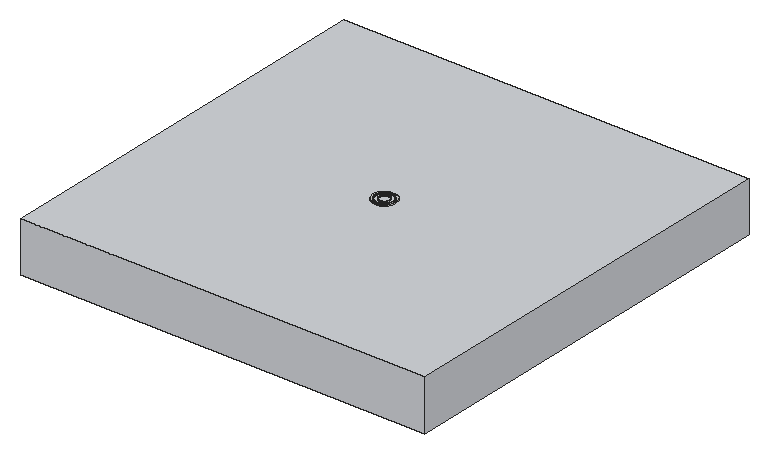
Revit family "LAMP_HANCE DOWNLIGHT RECESSED SPOT 1000_2000", category Modelos genéricos, Revit 2015
Parameters (values of type "710LM 4000K 1000 BLACK")
  Weight = 1.36 kg
  Aro 3000/4000 = no
  Aro 1000/2000 = yes
  Type = "COB PHILIPS"
  Tilting [instance] = if(Tilt < 0.00°, 180.00°, if(Tilt > 30.00°, 210.00°, Tilt + 180.00°))  # 180.00°
  Tilt [instance] = 0.00°
  Recessed diameter = 132 mm
  Protection rating = "IP20"
  Product datasheet = "http://www.lamp.es/product-files/TECH/HD1RE40SP840NBW-EN.pdf"
  Product code = "HD1RE40SP840NBW"
  Product URL = "https://www.lamp.es/en/family/hance-downlight_196363"
  Power Supply = "220-240V 50/60Hz"
  Power = 34 W
  Plum = 37.6 W
  Photometric web file = Cuerpo Hance BASE (tilting)_SP : 710LM 4000K 1000 BLACK
  Modelo = Product code  # "HD1RE40SP840NBW"
  Model explanation = "Availability of tilting between 0º and 30º when placed in a project."
  Material interior aro = LAMP_Aluminio Hance Negro
  Material aro = LAMP_Aluminio Hance Negro
  Manufacturer name = "LAMP"
  Manufacturer country = "Spain"
  Manufacturer URL = "http://www.lamp.es/en"
  MacAdam = "3"
  Luminaire type = "Indoor - Recessed downlight"
  Last update = "18/10/2019"
  Lamp = "COB LED"
  LED Lifetime = "50.000 L80 B10"
  Insulation class = "II"
  Installation instructions = "https://www.lamp.es/product-files/INS/1004410-B-INSTR.%20DE%20MONTAJE%20HANCE%20DOWNLIGHT.pdf"
  Initial intensity = 3660 lm
  Initial color = 4000 K
  IEE = "A+"
  Gear = "Electronic"
  Finish = "Texturised white RAL 9010"
  Fabricante = Manufacturer name  # "LAMP"
  Default Elevation = 1219.2 mm
  Efficacy = 97.34 lm/W
  Radio aro exterior = 35.7 mm
  Diameter = 143 mm
  Descripción = "HANCE DOWN REC 4000 NW SP WH."
  Decorative ring [instance] = Aro decorativo (tilting) : Black
  Comentarios de tipo = Model explanation  # "Availability of tilting between 0º and 30º when placed in a project."
  CRI = "80"
Types (8, lengths in mm): name | Weight | Product datasheet | Product code | Power | Plum | Photometric web file | Modelo | Material aro | LED Lifetime | Initial intensity | Initial color | IEE | Finish | Efficacy | Descripción
  710LM 4000K 1000 BLACK | 1.36 kg | "http://www.lamp.es/product-files/TECH/HD1RE40SP840NBW-EN.pdf" | "HD1RE40SP840NBW" | 34 W | 37.6 W | Cuerpo Hance BASE (tilting)_SP : 710LM 4000K 1000 BLACK | "HD1RE40SP840NBW" | LAMP_Aluminio Hance Negro | "50.000 L80 B10" | 3660 lm | 4000 K | "A+" | "Texturised white RAL 9010" | 97.34 lm/W | "HANCE DOWN REC 4000 NW SP WH."
  710LM 4000K 1000 WHITE | 0.72 kg | "http://www.lamp.es/product-files/TECH/HD1RE10SP840NBW-EN.pdf" | "HD1RE10SP840NBW" | 7 W | 7.6 W | Cuerpo Hance BASE (tilting)_SP : 710LM 4000K 1000 WHITE | "HD1RE10SP840NBW" | LAMP_Aluminio Hance Blanco | "50.000 L90 B10" | 710 lm | 4000 K | "A+" | "Texturised white RAL 9010" | 93.42 lm/W | "HANCE DOWN REC 1000 NW SP WH."
  773LM 3000K 1000 BLACK | 0.72 kg | "http://www.lamp.es/product-files/TECH/HD1RE10SP830NBB-EN.pdf" | "HD1RE10SP830NBB" | 7 W | 7.7 W | Cuerpo Hance BASE (tilting)_SP : 773LM 3000K 1000 BLACK | "HD1RE10SP830NBB" | LAMP_Aluminio Hance Negro | "50.000 L90 B10" | 773 lm | 3000 K | "A+" | "Texturised black RAL 9011" | 100.42 lm/W | "HANCE DOWN REC 1000 WW SP BK."
  773LM 3000K 1000 WHITE | 0.72 kg | "http://www.lamp.es/product-files/TECH/HD1RE10SP830NBW-EN.pdf" | "HD1RE10SP830NBW" | 7 W | 7.7 W | Cuerpo Hance BASE (tilting)_SP : 773LM 3000K 1000 WHITE | "HD1RE10SP830NBW" | LAMP_Aluminio Hance Blanco | "50.000 L90 B10" | 773 lm | 3000 K | "A+" | "Texturised white RAL 9010" | 100.42 lm/W | "HANCE DOWN REC 1000 WW SP WH."
  1644LM 4000K 2000 BLACK | 0.72 kg | "http://www.lamp.es/product-files/TECH/HD1RE20SP840NBB-EN.pdf" | "HD1RE20SP840NBB" | 18 W | 20.6 W | Cuerpo Hance BASE (tilting)_SP : 1644LM 4000K 2000 BLACK | "HD1RE20SP840NBB" | LAMP_Aluminio Hance Negro | "50.000 L80 B10" | 1644 lm | 4000 K | "A+" | "Texturised black RAL 9011" | 79.81 lm/W | "HANCE DOWN REC 2000 NW SP BK."
  1644LM 4000K 2000 WHITE | 0.72 kg | "http://www.lamp.es/product-files/TECH/HD1RE20SP840NBW-EN.pdf" | "HD1RE20SP840NBW" | 18 W | 20.6 W | Cuerpo Hance BASE (tilting)_SP : 1644LM 4000K 2000 WHITE | "HD1RE20SP840NBW" | LAMP_Aluminio Hance Blanco | "50.000 L80 B10" | 1644 lm | 4000 K | "A+" | "Texturised white RAL 9010" | 79.81 lm/W | "HANCE DOWN REC 2000 NW SP WH."
  1707LM 3000K 2000 BLACK | 0.72 kg | "http://www.lamp.es/product-files/TECH/HD1RE20SP830NBB-EN.pdf" | "HD1RE20SP830NBB" | 18 W | 20.7 W | Cuerpo Hance BASE (tilting)_SP : 1707LM 3000K 2000 BLACK | "HD1RE20SP830NBB" | LAMP_Aluminio Hance Negro | "50.000 L80 B10" | 1707 lm | 3000 K | "A" | "Texturised black RAL 9011" | 82.46 lm/W | "HANCE DOWN REC 2000 WW SP BK."
  1707LM 3000K 2000 WHITE | 0.72 kg | "http://www.lamp.es/product-files/TECH/HD1RE20SP830NBW-EN.pdf" | "HD1RE20SP830NBW" | 18 W | 20.7 W | Cuerpo Hance BASE (tilting)_SP : 1707LM 3000K 2000 WHITE | "HD1RE20SP830NBW" | LAMP_Aluminio Hance Blanco | "50.000 L80 B10" | 1707 lm | 3000 K | "A" | "Texturised white RAL 9010" | 82.46 lm/W | "HANCE DOWN REC 2000 WW SP WH."
Reference planes
  plane 1 "Centro (Frontal/Posterior)": y = 0
  plane 2: z = 0
  plane 3 "Centro (Izquierda/Derecha)": x = 0
Forms (mm)
  Extrusion 1, solid
    sketch origin (0, 0, 0) x (1, 0, 0) y (0, 1, 0)
      loop
        line (-1219.2, 1219.2) -> (-1219.2, -1219.2) -> (1219.2, -1219.2) -> (1219.2, 1219.2) -> (-1219.2, 1219.2)
    from 0 to -304.8
  Revolve 2, solid, material "LAMP_Aluminio Hance Negro" <- "Material aro"
    sketch origin (0, 0, 0) x (1, 0, 0) y (0, 0, 1)
      loop
        line (68.2, 0) -> (68.2, 1) -> (53.3, 1) -> (53.3, -38.896) -> (61.3, -38.896) -> (61.3, -37.896) -> (55.8, -37.896) -> (55.8, 0) -> (68.2, 0)
      axis (0, 1) -> (0, -38.896)
    angle from 0 to 360
  Revolve 3, solid, material "LAMP_Aluminio Hance Negro" <- "Material interior aro", visible <- "Aro 1000/2000"
    sketch origin (0, 0, 0) x (1, 0, 0) y (0, 0, 1)
      loop
        arc (51.874, -0.646) -> (51.598, -1.016) -> (51.498, -1.466) r 1.1
        arc (51.498, -1.466) -> (49.354, -17.889) -> (43.277, -33.297) r 67.535
        arc (43.277, -33.297) -> (42.922, -33.665) -> (42.43, -33.8) r 0.965
        line (42.43, -33.8) -> (0, -33.8) -> (0, -34.8) -> (42.43, -34.8)
        arc (42.43, -34.8) -> (42.922, -34.665) -> (43.277, -34.297) r 0.965
        arc (43.277, -34.297) -> (49.354, -18.889) -> (51.498, -2.466) r 67.535
        arc (51.498, -2.466) -> (51.598, -2.016) -> (51.874, -1.646) r 1.1
        arc (51.874, -1.646) -> (53.912, -0.425) -> (56.25, 0) r 6.641
        line (56.25, 0) -> (56.25, 1)
        arc (56.25, 1) -> (53.912, 0.575) -> (51.874, -0.646) r 6.641
      axis (0, 1) -> (0, -34.8)
    angle from 0 to 360
  Extrusion 4, void
    sketch origin (0, 0, 0) x (1, 0, 0) y (0, 1, 0)
      loop
        line (7.1, 33.5) -> (-7.105, 33.5)
        arc (-7.105, 33.5) -> (-40.605, 0) -> (-7.105, -33.5) r 33.5
        line (-7.105, -33.5) -> (7.1, -33.5)
        arc (7.1, -33.5) -> (40.6, 0) -> (7.1, 33.5) r 33.5
    from -41.216 to -28.478
Cuts and joins
  Extrusion 4 cuts Revolve 3
Text (mm)
  text "Any modification of the parameters and properties of the LAMP BIM models must be executed and validated by the LAMP technical department.\n\nPhone: +34 93 736 68 00\n\nE-mail: lamp@lamp.es\n\n\n\nLAMP reserves the right to modify the technical specifications of its products." at (39771.841, -40794.867, 40621.237), in view "Preview"
Dimensions and locks
  "Radio aro exterior": Revolve 2 sketch curve to nested 1
  aligned and locked: plane 2 to Extrusion 1
  aligned and locked: level to Extrusion 1
Automatic sketch dimensions
  Extrusion 1 sketch curve to Extrusion 1 sketch curve = 2438.4 mm  (x2)
  Revolve 3 sketch curve to plane 3 "Centro (Izquierda/Derecha)" = 0 mm  (x2)
  Revolve 3 sketch curve to level = 0 mm
  Revolve 3 sketch curve to level = 1 mm
  Revolve 3 sketch curve to plane 3 "Centro (Izquierda/Derecha)" = 16.035 mm
  Revolve 3 sketch curve to Revolve 3 sketch curve = 0 mm  (x7)
  plane 3 "Centro (Izquierda/Derecha)" to Revolve 3 sketch curve = 42.43 mm
  Revolve 3 sketch curve to level = 2.474 mm
  Revolve 3 sketch curve to Revolve 3 sketch curve = 10.169 mm
  Revolve 3 sketch curve to Revolve 3 sketch curve = 3.651 mm
  Revolve 3 sketch curve to Revolve 3 sketch curve = 3.167 mm
  Revolve 3 sketch curve to Revolve 3 sketch curve = 1 mm  (x3)
  Revolve 3 sketch curve to Revolve 3 sketch curve = 26.195 mm
  Revolve 3 sketch curve to level = 33.8 mm
  Revolve 3 sketch curve to Revolve 3 sketch curve = 0.035 mm
  Revolve 3 sketch curve to Revolve 3 sketch curve = 0.965 mm
  Revolve 3 sketch curve to Revolve 3 sketch curve = 0.172 mm
  Revolve 3 sketch curve to Revolve 3 sketch curve = 574.8 mm
  Revolve 3 sketch curve to Revolve 3 sketch curve = 2608.058 mm
  plane 1 "Centro (Frontal/Posterior)" to Extrusion 4 sketch curve = 0 mm
  Extrusion 4 sketch curve to plane 3 "Centro (Izquierda/Derecha)" = 7.105 mm
  plane 3 "Centro (Izquierda/Derecha)" to Extrusion 4 sketch curve = 7.1 mm
  Extrusion 4 sketch curve to Extrusion 4 sketch curve = 33.5 mm
  Revolve 2 sketch curve to plane 3 "Centro (Izquierda/Derecha)" = 0 mm
  Revolve 2 sketch curve to level = 0 mm
  level to Revolve 2 sketch curve = 1 mm
  Revolve 2 sketch curve to Revolve 2 sketch curve = 14.9 mm
  Revolve 2 sketch curve to Revolve 2 sketch curve = 2.5 mm
  Revolve 2 sketch curve to Revolve 2 sketch curve = 5.5 mm
  Revolve 2 sketch curve to Revolve 2 sketch curve = 37.896 mm
  Revolve 2 sketch curve to Revolve 2 sketch curve = 1 mm
  Revolve 2 sketch curve to Revolve 2 sketch curve = 539.6 mm
  Revolve 2 sketch curve to Revolve 2 sketch curve = 2608.058 mm
Nested families
  nested 1: "Cuerpo Hance BASE (tilting)_SP" at (32.5, 1.967, 1), type <- "Photometric web file", type "710LM 4000K 1000 BLACK"
    with Tilting 180.00°
  nested 2: "Aro decorativo (tilting)" at (-27.9, 0, -89.982), type <- "Decorative ring", type "Black"
    with Tilting 0.00°
Connectors
  electrical at (-16.363, 0, -98)
    settings: on nested 1, index 1, voltage 230 V, apparent load 0 VA, apparent load phase1 0 VA, apparent load phase2 0 VA, apparent load phase3 0 VA, power factor 1, load classification "Otro", number of poles 1, system type 31, power factor state 1, is connector primary yes, connector utility no, sub classification motor no, connector description ""
Definition of nested family "Cuerpo Hance BASE (tilting)_SP"
  Parameters (values of type "710LM 4000K 1000 BLACK")
    Tilting = 90.00°
    Photometric web file = Cuerpo Hance BASE_SP : 710LM 4000K 1000 BLACK
    Longitud cuerpo = 100 mm
    Default Elevation = 1219.2 mm
  Types (17, lengths in mm): name | Photometric web file | Longitud cuerpo
    (no name) | Cuerpo Hance BASE_SP : 710LM 4000K 1000 BLACK | 100
    710LM 4000K 1000 BLACK | Cuerpo Hance BASE_SP : 710LM 4000K 1000 BLACK | 100
    710LM 4000K 1000 WHITE | Cuerpo Hance BASE_SP : 710LM 4000K 1000 WHITE | 100
    773LM 3000K 1000 BLACK | Cuerpo Hance BASE_SP : 773LM 3000K 1000 BLACK | 100
    773LM 3000K 1000 WHITE | Cuerpo Hance BASE_SP : 773LM 3000K 1000 WHITE | 100
    1644LM 4000K 2000 BLACK | Cuerpo Hance BASE_SP : 1644LM 4000K 2000 BLACK | 100
    1644LM 4000K 2000 WHITE | Cuerpo Hance BASE_SP : 1644LM 4000K 2000 WHITE | 100
    1707LM 3000K 2000 BLACK | Cuerpo Hance BASE_SP : 1707LM 3000K 2000 BLACK | 100
    1707LM 3000K 2000 WHITE | Cuerpo Hance BASE_SP : 1707LM 3000K 2000 WHITE | 100
    2656LM 4000K 3000 BLACK | Cuerpo Hance BASE_SP : 2656LM 4000K 3000 BLACK | 145
    2656LM 4000K 3000 WHITE | Cuerpo Hance BASE_SP : 2656LM 4000K 3000 WHITE | 145
    2788LM 3000K 3000 BLACK | Cuerpo Hance BASE_SP : 2788LM 3000K 3000 BLACK | 145
    2788LM 3000K 3000 WHITE | Cuerpo Hance BASE_SP : 2788LM 3000K 3000 WHITE | 145
    3518LM 4000K 4000 BLACK | Cuerpo Hance BASE_SP : 3518LM 4000K 4000 BLACK | 145
    3518LM 4000K 4000 WHITE | Cuerpo Hance BASE_SP : 3518LM 4000K 4000 WHITE | 145
    3660LM 3000K 4000 BLACK | Cuerpo Hance BASE_SP : 3660LM 3000K 4000 BLACK | 145
    3660LM 3000K 4000 WHITE | Cuerpo Hance BASE_SP : 3660LM 3000K 4000 WHITE | 145
  Reference planes
    plane 1 "Centro (Frontal/Posterior)": y = 0
    plane 2: z = 0
    plane 3 "Centro (Izquierda/Derecha)": x = 0
  Lines and regions (mm)
    reference lines
      curve 1: line (0, 0, 0) -> (200, 0, 0)
  Dimensions and locks
    "Tilting": angle plane 3 "Centro (Izquierda/Derecha)" to curve 1
    aligned and locked: level to plane 2
    aligned and locked: plane 3 "Centro (Izquierda/Derecha)" to curve 1
    aligned and locked: plane 2 to curve 1
    aligned and locked: plane 3 "Centro (Izquierda/Derecha)" to nested 1
  Nested families
    nested 1: "Cuerpo Hance BASE_SP" at (-58, -1.967, 27.875), type <- "Photometric web file", type "710LM 4000K 1000 BLACK"
  Definition of nested family "Cuerpo Hance BASE_SP"
    Parameters (values of type "710LM 4000K 1000 BLACK")
      Tilt Angle = 90.00° + Tilting  # 180.00°
      Wattage = 7.6 W
      Tilting = 90.00°
      built-in parameter 1150107 = 4000 (stored number, unit not read)
      Radio vacio posterior = Radio cuerpo - 2.2 mm  # 30.3 mm
      Radio vaciado = Radio cuerpo - 1.5 mm  # 31 mm
      Radio cuerpo = if(Longitud cuerpo = 145 mm, 45 mm, 32.5 mm)  # 32.5 mm
      built-in parameter 1150110 = 1 (stored number, unit not read)
      built-in parameter 1150109 = 1 (stored number, unit not read)
      built-in parameter 1150112 = 1 (stored number, unit not read)
      built-in parameter 1150113 = 1 (stored number, unit not read)
      built-in parameter 1114218 = 1 (stored number, unit not read)
      built-in parameter 1150137 = (empty or 0)
      built-in parameter 1150132 = 2
      Material reflector = none
      Material cuerpo = none
      Material COB = none
      Longitud cuerpo = 100 mm
      Long. origen luz = if(Longitud cuerpo = 100 mm, 20 mm, if(Longitud cuerpo = 170 mm, 55 mm, 90 mm))  # 20 mm
      L_3 = if(Ancho disipador posterior = 80.4 mm, 39.6 mm, 12 mm)  # 12 mm
      L_2 = if(Ancho disipador posterior = 80.4 mm, 36.3 mm, 22.6 mm)  # 22.6 mm
      L_1 = if(Ancho disipador posterior = 80.4 mm, 36.8 mm, 25.4 mm)  # 25.4 mm
      built-in parameter 1150105 = 56.487 (stored number, unit not read)
      built-in parameter 1150102 = (empty or 0)
      built-in parameter 1150106 = 0.56487 (stored number, unit not read)
      Lumens = 709.84 lm
      Color Filter = 16777215
      built-in parameter 1114217 = 1 (stored number, unit not read)
      built-in parameter 1150139 = (empty or 0)
      Default Elevation = 1219.2 mm
      built-in parameter 1150104 = 8.6771 (stored number, unit not read)
      Diametro aro = if(Radio cuerpo = 45 mm, 42.9 mm, 30.4 mm)  # 30.4 mm
      built-in parameter 1150115 = 1 (stored number, unit not read)
      built-in parameter 1150114 = 1 (stored number, unit not read)
      built-in parameter 1150138 = (empty or 0)
      built-in parameter 1150134 = 12
      Dimming Lamp Color Temperature Shift = (empty or 0)
      Photometric Web File = "HD1RE10SP840NBB.IES"
      Ancho vaciado reflector = if(Radio cuerpo = 45 mm, 34.4 mm, 21.9 mm)  # 21.9 mm
      Ancho reflector = if(Radio cuerpo = 45 mm, 35.4 mm, 22.9 mm)  # 22.9 mm
      Ancho disipador posterior = if(Radio cuerpo = 32.5 mm, 53 mm, 80.4 mm)  # 53 mm
      built-in parameter 1150133 = 10 (stored number, unit not read)
      Altura disipador superior = if(Radio cuerpo = 45 mm, 23.9 mm, 36.9 mm)  # 36.9 mm
      Ancho disipador superior = if(Radio cuerpo = 45 mm, 28 mm, 22.6 mm)  # 22.6 mm
    Types (16, lengths in mm): name | Wattage | built-in parameter 1150107 | Radio vacio posterior | Radio vaciado | Radio cuerpo | Longitud cuerpo | Long. origen luz | L_3 | L_2 | L_1 | built-in parameter 1150105 | built-in parameter 1150106 | Lumens | built-in parameter 1150104 | Diametro aro | built-in parameter 1150134 | Photometric Web File | Ancho vaciado reflector | Ancho reflector | Ancho disipador posterior | Altura disipador superior | Ancho disipador superior
      710LM 4000K 1000 BLACK | 7.6 W | 4000 (stored number, unit not read) | 30.3 | 31 | 32.5 | 100 | 20 | 12 | 22.6 | 25.4 | 56.487 (stored number, unit not read) | 0.56487 (stored number, unit not read) | 709.84 lm | 8.6771 (stored number, unit not read) | 30.4 | 12 | "HD1RE10SP840NBB.IES" | 21.9 | 22.9 | 53 | 36.9 | 22.6
      710LM 4000K 1000 WHITE | 7.6 W | 4000 (stored number, unit not read) | 30.3 | 31 | 32.5 | 100 | 20 | 12 | 22.6 | 25.4 | 4052.9 (stored number, unit not read) | 40.529 (stored number, unit not read) | 709.84 lm | 8.6771 (stored number, unit not read) | 30.4 | 12 | "HD1RE10SP840NBW.IES" | 21.9 | 22.9 | 53 | 36.9 | 22.6
      773LM 3000K 1000 BLACK | 7.7 W | 3000 (stored number, unit not read) | 30.3 | 31 | 32.5 | 100 | 20 | 12 | 22.6 | 25.4 | 4414.8 (stored number, unit not read) | 44.148 (stored number, unit not read) | 773.234 lm | 9.3293 (stored number, unit not read) | 30.4 | (empty or 0) | "HD1RE10SP830NBB.IES" | 21.9 | 22.9 | 53 | 36.9 | 22.6
      773LM 3000K 1000 WHITE | 7.7 W | 3000 (stored number, unit not read) | 30.3 | 31 | 32.5 | 100 | 20 | 12 | 22.6 | 25.4 | 4414.8 (stored number, unit not read) | 44.148 (stored number, unit not read) | 773.234 lm | 9.3293 (stored number, unit not read) | 30.4 | (empty or 0) | "HD1RE10SP830NBW.IES" | 21.9 | 22.9 | 53 | 36.9 | 22.6
      1644LM 4000K 2000 BLACK | 20.6 W | 4000 (stored number, unit not read) | 30.3 | 31 | 32.5 | 100 | 20 | 12 | 22.6 | 25.4 | 9386.9 (stored number, unit not read) | 93.869 (stored number, unit not read) | 1644.09 lm | 7.4146 (stored number, unit not read) | 30.4 | 12 | "HD1RE20SP840NBB.IES" | 21.9 | 22.9 | 53 | 36.9 | 22.6
      1644LM 4000K 2000 WHITE | 20.6 W | 4000 (stored number, unit not read) | 30.3 | 31 | 32.5 | 100 | 20 | 12 | 22.6 | 25.4 | 9386.9 (stored number, unit not read) | 93.869 (stored number, unit not read) | 1644.09 lm | 7.4146 (stored number, unit not read) | 30.4 | 12 | "HD1RE20SP840NBW.IES" | 21.9 | 22.9 | 53 | 36.9 | 22.6
      1707LM 3000K 2000 BLACK | 20.7 W | 3000 (stored number, unit not read) | 30.3 | 31 | 32.5 | 100 | 20 | 12 | 22.6 | 25.4 | 9500.4 (stored number, unit not read) | 95.004 (stored number, unit not read) | 1706.92 lm | 7.6608 (stored number, unit not read) | 30.4 | (empty or 0) | "HD1RE20SP830NBB.IES" | 21.9 | 22.9 | 53 | 36.9 | 22.6
      1707LM 3000K 2000 WHITE | 20.7 W | 3000 (stored number, unit not read) | 30.3 | 31 | 32.5 | 100 | 20 | 12 | 22.6 | 25.4 | 9500.4 (stored number, unit not read) | 95.004 (stored number, unit not read) | 1706.92 lm | 7.6608 (stored number, unit not read) | 30.4 | (empty or 0) | "HD1RE20SP830NBW.IES" | 21.9 | 22.9 | 53 | 36.9 | 22.6
      2656LM 4000K 3000 BLACK | 27.8 W | 4000 (stored number, unit not read) | 42.8 | 43.5 | 45 | 145 | 90 | 39.6 | 36.3 | 36.8 | 21509.2 (stored number, unit not read) | 215.09 (stored number, unit not read) | 2656.01 lm | 8.876 (stored number, unit not read) | 42.9 | 12 | "HD1RE30SP840NBB.IES" | 34.4 | 35.4 | 80.4 | 23.9 | 28
      2656LM 4000K 3000 WHITE | 27.8 W | 4000 (stored number, unit not read) | 42.8 | 43.5 | 45 | 145 | 90 | 39.6 | 36.3 | 36.8 | 21509.2 (stored number, unit not read) | 215.09 (stored number, unit not read) | 2656.01 lm | 8.876 (stored number, unit not read) | 42.9 | 12 | "HD1RE30SP840NBW.IES" | 34.4 | 35.4 | 80.4 | 23.9 | 28
      2788LM 3000K 3000 BLACK | 28.2 W | 3000 (stored number, unit not read) | 42.8 | 43.5 | 45 | 145 | 90 | 39.6 | 36.3 | 36.8 | 22576.9 (stored number, unit not read) | 225.77 (stored number, unit not read) | 2787.85 lm | 9.1844 (stored number, unit not read) | 42.9 | (empty or 0) | "HD1RE30SP830NBB.IES" | 34.4 | 35.4 | 80.4 | 23.9 | 28
      2788LM 3000K 3000 WHITE | 28.2 W | 3000 (stored number, unit not read) | 42.8 | 43.5 | 45 | 145 | 90 | 39.6 | 36.3 | 36.8 | 22576.9 (stored number, unit not read) | 225.77 (stored number, unit not read) | 2787.85 lm | 9.1844 (stored number, unit not read) | 42.9 | (empty or 0) | "HD1RE30SP830NBW.IES" | 34.4 | 35.4 | 80.4 | 23.9 | 28
      3518LM 4000K 4000 BLACK | 37.6 W | 4000 (stored number, unit not read) | 42.8 | 43.5 | 45 | 145 | 90 | 39.6 | 36.3 | 36.8 | 28485.6 (stored number, unit not read) | 284.86 (stored number, unit not read) | 3517.48 lm | 8.6911 (stored number, unit not read) | 42.9 | 12 | "HD1RE40SP830NBB.IES" | 34.4 | 35.4 | 80.4 | 23.9 | 28
      3518LM 4000K 4000 WHITE | 37.6 W | 4000 (stored number, unit not read) | 42.8 | 43.5 | 45 | 145 | 90 | 39.6 | 36.3 | 36.8 | 28485.6 (stored number, unit not read) | 284.86 (stored number, unit not read) | 3517.48 lm | 8.6911 (stored number, unit not read) | 42.9 | 12 | "HD1RE40SP830NBW.IES" | 34.4 | 35.4 | 80.4 | 23.9 | 28
      3660LM 3000K 4000 BLACK | 37.6 W | 3000 (stored number, unit not read) | 42.8 | 43.5 | 45 | 145 | 90 | 39.6 | 36.3 | 36.8 | 24069.5 (stored number, unit not read) | 240.7 (stored number, unit not read) | 3659.98 lm | 9.0432 (stored number, unit not read) | 42.9 | (empty or 0) | "HD1RE40SP840NBB.IES" | 34.4 | 35.4 | 80.4 | 23.9 | 28
      3660LM 3000K 4000 WHITE | 37.6 W | 3000 (stored number, unit not read) | 42.8 | 43.5 | 45 | 145 | 90 | 39.6 | 36.3 | 36.8 | 24069.5 (stored number, unit not read) | 240.7 (stored number, unit not read) | 3659.98 lm | 9.0432 (stored number, unit not read) | 42.9 | (empty or 0) | "HD1RE40SP840NBW.IES" | 34.4 | 35.4 | 80.4 | 23.9 | 28
    Reference planes
      plane 1 "Centro (Frontal/Posterior)": y = 0
      plane 2: z = 0
      plane 3 "Centro (Izquierda/Derecha)": x = 0
    Forms (mm)
      Extrusion 1, solid, material <- "Material cuerpo"
        sketch origin (0, 0, 0) x (0, -1, 0) y (0, 0, 1)
          loop
            circle (0, -27.875) r 32.5
        from -58 to 42
      Extrusion 2, void
        sketch origin (0, 0, 0) x (0, 1, 0) y (0, 0, 1)
          loop
            line (11.3, 30) -> (-11.3, 30) -> (-11.3, -6.9)
            arc (-11.3, -6.9) -> (0, -7.855) -> (11.3, -6.9) r 67.349
            line (11.3, -6.9) -> (11.3, 30)
        from -42 to 9.4
      Extrusion 3, void
        sketch origin (0, 0, 0) x (0, 1, 0) y (0, 0, 1)
          loop
            circle (0, -27.875) r 30.3
        from -42 to -41
      Extrusion 4, void
        sketch origin (0, 0, 0) x (0, 1, 0) y (0, 0, 1)
          loop
            line (26.5, -26.291) -> (-26.5, -26.291)
            arc (-26.5, -26.291) -> (-27.7, -27.491) -> (-26.5, -28.691) r 1.2
            line (-26.5, -28.691) -> (26.5, -28.691)
            arc (26.5, -28.691) -> (27.7, -27.491) -> (26.5, -26.291) r 1.2
          loop
            line (26.115, -30.891) -> (-26.115, -30.891)
            arc (-26.115, -30.891) -> (-27.315, -32.091) -> (-26.115, -33.291) r 1.2
            line (-26.115, -33.291) -> (26.115, -33.291)
            arc (26.115, -33.291) -> (27.315, -32.091) -> (26.115, -30.891) r 1.2
          loop
            line (25.4, -35.55) -> (-24.915, -35.55)
            arc (-24.915, -35.55) -> (-26.115, -36.75) -> (-24.915, -37.95) r 1.2
            line (-24.915, -37.95) -> (25.4, -37.95)
            arc (25.4, -37.95) -> (26.6, -36.75) -> (25.4, -35.55) r 1.2
          loop
            line (22.6, -40.091) -> (-22.64, -40.091)
            arc (-22.64, -40.091) -> (-23.84, -41.291) -> (-22.64, -42.491) r 1.2
            line (-22.64, -42.491) -> (22.6, -42.491)
            arc (22.6, -42.491) -> (23.8, -41.291) -> (22.6, -40.091) r 1.2
          loop
            line (19.043, -44.691) -> (-19.086, -44.691)
            arc (-19.086, -44.691) -> (-20.286, -45.891) -> (-19.086, -47.091) r 1.2
            line (-19.086, -47.091) -> (19.043, -47.091)
            arc (19.043, -47.091) -> (20.243, -45.891) -> (19.043, -44.691) r 1.2
          loop
            line (15.357, -49.291) -> (-15.5, -49.291)
            arc (-15.5, -49.291) -> (-16.6, -50.391) -> (-15.5, -51.491) r 1.1
            line (-15.5, -51.491) -> (15.357, -51.491)
            arc (15.357, -51.491) -> (16.457, -50.391) -> (15.357, -49.291) r 1.1
          loop
            line (6, -53.691) -> (-6, -53.691)
            arc (-6, -53.691) -> (-7.1, -54.791) -> (-6, -55.891) r 1.1
            line (-6, -55.891) -> (6, -55.891)
            arc (6, -55.891) -> (7.1, -54.791) -> (6, -53.691) r 1.1
        from -42 to -38.7
      Extrusion 5, void
        sketch origin (0, 0, 0) x (-1, 0, 0) y (0, -1, 0)
          loop
            line (37.7, -9.12) -> (37.7, 9.12)
            arc (37.7, 9.12) -> (36.6, 10.22) -> (35.5, 9.12) r 1.1
            line (35.5, 9.12) -> (35.5, -9.12)
            arc (35.5, -9.12) -> (36.6, -10.22) -> (37.7, -9.12) r 1.1
          loop
            line (28.9, -9.12) -> (28.9, 9.12)
            arc (28.9, 9.12) -> (27.8, 10.22) -> (26.7, 9.12) r 1.1
            line (26.7, 9.12) -> (26.7, -9.12)
            arc (26.7, -9.12) -> (27.8, -10.22) -> (28.9, -9.12) r 1.1
          loop
            line (20.1, -9.12) -> (20.1, 9.12)
            arc (20.1, 9.12) -> (19, 10.22) -> (17.9, 9.12) r 1.1
            line (17.9, 9.12) -> (17.9, -9.12)
            arc (17.9, -9.12) -> (19, -10.22) -> (20.1, -9.12) r 1.1
        from -51.491 to 30
      Extrusion 6, void
        sketch origin (0, 0, 0) x (-1, 0, 0) y (0, -1, 0)
          loop
            line (33.3, -9.12) -> (33.3, 9.12)
            arc (33.3, 9.12) -> (32.2, 10.22) -> (31.1, 9.12) r 1.1
            line (31.1, 9.12) -> (31.1, -9.12)
            arc (31.1, -9.12) -> (32.2, -10.22) -> (33.3, -9.12) r 1.1
          loop
            line (24.5, -9.12) -> (24.5, 9.12)
            arc (24.5, 9.12) -> (23.4, 10.22) -> (22.3, 9.12) r 1.1
            line (22.3, 9.12) -> (22.3, -9.12)
            arc (22.3, -9.12) -> (23.4, -10.22) -> (24.5, -9.12) r 1.1
        from -8.232 to 30
      Extrusion 7, void
        sketch origin (0, 0, 0) x (0, 1, 0) y (0, 0, 1)
          loop
            circle (0, -27.875) r 31
        from 17.213 to 58
      Revolve 8, solid, material <- "Material reflector"
        sketch origin (0, 0, 0) x (1, 0, 0) y (0, 0, 1)
          loop
            line (25.5, -27.875) -> (45.818, -27.875) -> (45.818, -4.975) -> (25.5, -19.875) -> (25.5, -27.875)
          axis (25.5, -27.875) -> (45.818, -27.875)
        angle from 0 to 360
      Revolve 9, void
        sketch origin (0, 0, 0) x (1, 0, 0) y (0, 0, 1)
          loop
            line (45.818, -5.975) -> (26.5, -20.142) -> (25.5, -20.142) -> (25.5, -27.875) -> (26.5, -27.875) -> (45.818, -27.875) -> (45.818, -5.975)
          axis (45.818, -27.875) -> (25.5, -27.875)
        angle from 0 to 360
      Extrusion 10, solid, material <- "Material COB"
        sketch origin (0, 0, 0) x (0, -1, 0) y (0, 0, 1)
          loop
            circle (0, -27.875) r 7.733
        from -26.5 to -25.5
    Cuts and joins
      Extrusion 2, Extrusion 3, Extrusion 4, Extrusion 5, Extrusion 6, Extrusion 7 cuts Extrusion 1
      Revolve 9 cuts Revolve 8
    Lines and regions (mm)
      reference lines
        curve 1: line (0, 0, 0) -> (178.042, 0, 0)
        curve 2: line (93, 0, -27.875) -> (113, 0, -27.875)
        curve 3: line (0, 0, 0) -> (0, 0, -75)
        curve 4: line (93, 0, -22.875) -> (93, 0, -32.875)
    Text (mm)
      text "Any modification of the parameters and properties of the LAMP BIM models must be executed and validated by the LAMP technical department.\n\nPhone: +34 93 736 68 00\n\nE-mail: lamp@lamp.es\n\n\n\nLAMP reserves the right to modify the technical specifications of its products." at (97482.136, -81600.41, 57308.082), in view "Preview"
    Dimensions and locks
      locked: Revolve 9 sketch curve to cut or joined group of Extrusion 1, Extrusion 2, Extrusion 3, Extrusion 4, Extrusion 5, Extrusion 6, Extrusion 7 at 12.182
      "Longitud cuerpo": cut or joined group of Extrusion 1, Extrusion 2, Extrusion 3, Extrusion 4, Extrusion 5, Extrusion 6, Extrusion 7 to cut or joined group of Extrusion 1, Extrusion 2, Extrusion 3, Extrusion 4, Extrusion 5, Extrusion 6, Extrusion 7
      locked: cut or joined group of Extrusion 1, Extrusion 2, Extrusion 3, Extrusion 4, Extrusion 5, Extrusion 6, Extrusion 7 to curve 3 at 42
      locked: cut or joined group of Revolve 8, Revolve 9 to cut or joined group of Extrusion 1, Extrusion 2, Extrusion 3, Extrusion 4, Extrusion 5, Extrusion 6, Extrusion 7 at 12.182
      locked: cut or joined group of Revolve 8, Revolve 9 to cut or joined group of Revolve 8, Revolve 9 at 20.318
      locked: cut or joined group of Extrusion 1, Extrusion 2, Extrusion 3, Extrusion 4, Extrusion 5, Extrusion 6, Extrusion 7 to Extrusion 10 at 31.5
      locked: Extrusion 10 to Extrusion 10 at 1
      "Long. origen luz": curve 4 to curve 2
      equal spacing: Extrusion 4 sketch curve, plane 1 "Centro (Frontal/Posterior)", Extrusion 4 sketch curve  (x2)
      "Ancho disipador posterior": Extrusion 4 sketch curve to Extrusion 4 sketch curve
      "L_1": Extrusion 4 sketch curve to plane 1 "Centro (Frontal/Posterior)"
      "L_2": Extrusion 4 sketch curve to curve 3
      "L_3": Extrusion 4 sketch curve to Extrusion 4 sketch curve
      equal spacing: Extrusion 2 sketch curve, plane 1 "Centro (Frontal/Posterior)", Extrusion 2 sketch curve
      "Ancho disipador superior": Extrusion 2 sketch curve to Extrusion 2 sketch curve
      "Altura disipador superior": Extrusion 2 sketch curve to Extrusion 2 sketch curve
      locked: plane 2 to Extrusion 2 sketch curve at 30
      "Ancho reflector": Revolve 8 sketch curve to imposter light
      "Ancho vaciado reflector": Revolve 9 sketch curve to imposter light
      "Radio cuerpo": radius of Extrusion 1 sketch curve
      "Radio vaciado": radius of Extrusion 7 sketch curve
      "Radio vacio posterior": radius of Extrusion 3 sketch curve
      "Tilting": angle plane 3 "Centro (Izquierda/Derecha)" to curve 1
      aligned and locked: level to plane 2
      aligned and locked: imposter light to curve 2  (x2)
      aligned and locked: cut or joined group of Extrusion 1, Extrusion 2, Extrusion 3, Extrusion 4, Extrusion 5, Extrusion 6, Extrusion 7 to cut or joined group of Extrusion 1, Extrusion 2, Extrusion 3, Extrusion 4, Extrusion 5, Extrusion 6, Extrusion 7
    Automatic sketch dimensions
      curve 1 to Extrusion 5 sketch curve = 17.9 mm
      Extrusion 5 sketch curve to Extrusion 5 sketch curve = 1.1 mm  (x3)
      Extrusion 5 sketch curve to Extrusion 5 sketch curve = 6.6 mm  (x2)
      Extrusion 5 sketch curve to curve 1 = 9.12 mm  (x2)
      Extrusion 5 sketch curve to Extrusion 5 sketch curve = 0 mm  (x3)
      curve 1 to Extrusion 5 sketch curve = 9.12 mm
      curve 1 to Extrusion 6 sketch curve = 22.3 mm
      Extrusion 6 sketch curve to Extrusion 6 sketch curve = 1.1 mm  (x2)
      Extrusion 6 sketch curve to Extrusion 6 sketch curve = 6.6 mm
      Extrusion 6 sketch curve to curve 1 = 9.12 mm
      Extrusion 6 sketch curve to Extrusion 6 sketch curve = 0 mm  (x2)
      curve 1 to Extrusion 6 sketch curve = 9.12 mm
      Extrusion 10 sketch curve to plane 1 "Centro (Frontal/Posterior)" = 0 mm
      Extrusion 1 sketch curve to plane 1 "Centro (Frontal/Posterior)" = 0 mm
      Extrusion 1 sketch curve to level = 27.875 mm
      Extrusion 2 sketch curve to plane 1 "Centro (Frontal/Posterior)" = 0 mm
      Extrusion 2 sketch curve to Extrusion 2 sketch curve = 29.494 mm
      Extrusion 3 sketch curve to plane 1 "Centro (Frontal/Posterior)" = 0 mm
      Extrusion 3 sketch curve to level = 27.875 mm
      Extrusion 4 sketch curve to Extrusion 4 sketch curve = 0.385 mm  (x2)
      Extrusion 4 sketch curve to Extrusion 4 sketch curve = 1.2 mm  (x6)
      Extrusion 4 sketch curve to Extrusion 4 sketch curve = 2.276 mm
      Extrusion 4 sketch curve to Extrusion 4 sketch curve = 3.554 mm
      Extrusion 4 sketch curve to Extrusion 4 sketch curve = 3.586 mm
      Extrusion 4 sketch curve to Extrusion 4 sketch curve = 9.357 mm
      Extrusion 4 sketch curve to Extrusion 4 sketch curve = 3.557 mm
      Extrusion 4 sketch curve to level = 55.891 mm
      Extrusion 4 sketch curve to Extrusion 4 sketch curve = 1.1 mm  (x2)
      Extrusion 4 sketch curve to Extrusion 4 sketch curve = 2.2 mm  (x4)
      Extrusion 4 sketch curve to Extrusion 4 sketch curve = 2.141 mm
      Extrusion 4 sketch curve to Extrusion 4 sketch curve = 2.259 mm
      Extrusion 7 sketch curve to plane 1 "Centro (Frontal/Posterior)" = 0 mm
      Extrusion 7 sketch curve to level = 27.875 mm
      curve 1 to Revolve 8 sketch curve = 25.5 mm
      Revolve 8 sketch curve to Revolve 8 sketch curve = 20.318 mm
      curve 1 to Revolve 8 sketch curve = 19.875 mm
      Revolve 8 sketch curve to Revolve 8 sketch curve = 8 mm
      Revolve 8 sketch curve to Revolve 8 sketch curve = 0 mm  (x2)
      Revolve 8 sketch curve to Revolve 8 sketch curve = 9.682 mm
      Revolve 9 sketch curve to Revolve 9 sketch curve = 19.318 mm
      Revolve 9 sketch curve to Revolve 9 sketch curve = 0 mm  (x3)
      Revolve 9 sketch curve to Revolve 9 sketch curve = 1 mm
      curve 1 to Revolve 9 sketch curve = 20.142 mm
      Revolve 9 sketch curve to Revolve 9 sketch curve = 7.733 mm
      Revolve 9 sketch curve to Revolve 9 sketch curve = 9.682 mm
      curve 1 to level = 0 mm
      curve 1 to plane 3 "Centro (Izquierda/Derecha)" = 0 mm
      curve 3 to curve 1 = 0 mm  (x2)
      curve 3 to curve 1 = 75 mm
      curve 1 to curve 4 = 32.875 mm
      curve 4 to curve 1 = 85.042 mm
      curve 4 to curve 2 = 5 mm
      curve 2 to curve 4 = 5 mm
      radius of Extrusion 10 sketch curve = 7.733 mm
Definition of nested family "Aro decorativo (tilting)"
  Parameters (values of type "Copper")
    Weight (3000/4000) = 0.016 kg
    Weight (1000/2000) = 0.01 kg
    Tilting = 90.00°
    Product datasheet = ""
    Product code (3000/4000) = "HSRI90C"
    Product code (1000/2000) = "HSRI65C"
    Product URL = ""
    Model = ""
    Material aro = none
    Manufacturer name = "LAMP"
    Manufacturer country = "Spain"
    Manufacturer URL = "http://www.lamp.es/en"
    Longitud = 63.6 mm
    Last update = "21/05/2018"
    Installation instructions = ""
    Finish = "Metalized matt copper"
    Manufacturer = Manufacturer name  # "LAMP"
    Default Elevation = 1219.2 mm
    Diameter (3000/4000) = 90 mm
    Diameter (1000/2000) = 65 mm
    Description = ""
    Accessory Type = "Optic"
    3000/4000 Model = "HSRI90C"
    3000/4000 Description = "HANCE 3000/4000 ACC. RING DECO CO."
    1000/2000 Model = "HSRI65C"
    1000/2000 Description = "HANCE 1000/2000 ACC. RING DECO CO."
  Types (5, lengths in mm): name | Product code (3000/4000) | Product code (1000/2000) | Finish | 3000/4000 Model | 3000/4000 Description | 1000/2000 Model | 1000/2000 Description
    (no name) | "HSRI90C" | "HSRI65C" | "Metalized matt copper" | "HSRI90C" | "HANCE 3000/4000 ACC. RING DECO CO." | "HSRI65C" | "HANCE 1000/2000 ACC. RING DECO CO."
    Black | "HSRI90B" | "HSRI65B" | "Matt black" | "HSRI90B" | "HANCE 3000/4000 ACC. RING DECO BK." | "HSRI65B" | "HANCE 1000/2000 ACC. RING DECO BK."
    Copper | "HSRI90C" | "HSRI65C" | "Metalized matt copper" | "HSRI90C" | "HANCE 3000/4000 ACC. RING DECO CO." | "HSRI65C" | "HANCE 1000/2000 ACC. RING DECO CO."
    Grey | "HSRI90M" | "HSRI65M" | "Metalized matt silver" | "HSRI90M" | "HANCE 3000/4000 ACC. RING DECO MET." | "HSRI65M" | "HANCE 1000/2000 ACC. RING DECO MET."
    White | "HSRI90W" | "HSRI65W" | "Matt White" | "HSRI90W" | "HANCE 3000/4000 ACC. RING DECO WH." | "HSRI65W" | "HANCE 1000/2000 ACC. RING DECO WH."
  Reference planes
    plane 1 "Centro (Frontal/Posterior)": y = 0
    plane 2: z = 0
    plane 3 "Centro (Izquierda/Derecha)": x = 0
  Lines and regions (mm)
    reference lines
      curve 1: line (0, 0, 0) -> (0, 0, -27.9)
      curve 2: line (0, 0, -27.9) -> (80.8, 0, -27.9)
  Text (mm)
    text "Any modification of the parameters and properties of the LAMP BIM models must be executed and validated by the LAMP technical department.\n\nPhone: +34 93 736 68 00\n\nE-mail: lamp@lamp.es\n\n\n\nLAMP reserves the right to modify the technical specifications of its products." at (86527.204, -96597.187, 50741.736), in view "Preview"
  Dimensions and locks
    "Tilting": angle curve 1 to plane 2
    aligned and locked: level to plane 2
    aligned and locked: plane 3 "Centro (Izquierda/Derecha)" to curve 1
    aligned and locked: plane 2 to curve 1
  Automatic sketch dimensions
    curve 2 to curve 1 = 0 mm
    curve 1 to curve 2 = 0 mm
    curve 1 to curve 2 = 80.8 mm
  Nested families
    nested 1: "Aro decorativo" at (17.2, 0, 0), type "Copper"
  Definition of nested family "Aro decorativo"
    Parameters (values of type "Copper")
      Weight (3000/4000) = 0.016 kg
      Weight (1000/2000) = 0.01 kg
      Product datasheet = ""
      Product code (3000/4000) = "HSRI90C"
      Product code (1000/2000) = "HSRI65C"
      Product URL = ""
      Model = ""
      Material aro = none
      Manufacturer name = "LAMP"
      Manufacturer country = "Spain"
      Manufacturer URL = "http://www.lamp.es/en"
      Longitud = 63.6 mm
      Last update = "21/05/2018"
      Installation instructions = ""
      Finish = "Metalized matt copper"
      Manufacturer = Manufacturer name  # "LAMP"
      Default Elevation = 1219.2 mm
      Diametro vaciado aro interior = if(Diametro aro interior = 35.4 mm, 34.4 mm, 21.9 mm)  # 21.9 mm
      Diametro vaciado aro exterior = if(Diametro aro exterior = 42.9 mm, 41.9 mm, 29.4 mm)  # 29.4 mm
      Diametro aro interior = if(Diametro aro exterior = 42.9 mm, 35.4 mm, 22.9 mm)  # 22.9 mm
      Diametro aro exterior = if(Longitud = 138.6 mm, 42.9 mm, 30.4 mm)  # 30.4 mm
      Diameter (3000/4000) = 90 mm
      Diameter (1000/2000) = 65 mm
      Description = ""
      Accessory Type = "Optic"
      3000/4000 Model = "HSRI90C"
      3000/4000 Description = "HANCE 3000/4000 ACC. RING DECO CO."
      1000/2000 Description = "HANCE 1000/2000 ACC. RING DECO CO."
      1000/2000 Model = "HSRI65C"
    Types (5, lengths in mm): name | Product code (3000/4000) | Product code (1000/2000) | Finish | 3000/4000 Model | 3000/4000 Description | 1000/2000 Description | 1000/2000 Model
      (no name) | "HSRI90C" | "HSRI65C" | "Metalized matt copper" | "HSRI90C" | "HANCE 3000/4000 ACC. RING DECO CO." | "HANCE 1000/2000 ACC. RING DECO CO." | "HSRI65C"
      Black | "HSRI90B" | "HSRI65B" | "Matt black" | "HSRI90B" | "HANCE 3000/4000 ACC. RING DECO BK." | "HANCE 1000/2000 ACC. RING DECO BK." | "HSRI65B"
      Copper | "HSRI90C" | "HSRI65C" | "Metalized matt copper" | "HSRI90C" | "HANCE 3000/4000 ACC. RING DECO CO." | "HANCE 1000/2000 ACC. RING DECO CO." | "HSRI65C"
      Grey | "HSRI90M" | "HSRI65M" | "Metalized matt silver" | "HSRI90M" | "HANCE 3000/4000 ACC. RING DECO MET." | "HANCE 1000/2000 ACC. RING DECO MET." | "HSRI65M"
      White | "HSRI90W" | "HSRI65W" | "Matt white" | "HSRI90W" | "HANCE 3000/4000 ACC. RING DECO WH." | "HANCE 1000/2000 ACC. RING DECO WH." | "HSRI65W"
    Reference planes
      plane 1 "Centro (Frontal/Posterior)": y = 0
      plane 2: z = 0
      plane 3 "Centro (Izquierda/Derecha)": x = 0
    Forms (mm)
      Revolve 1, solid, material <- "Material aro"
        sketch origin (0, 0, -27.9) x (1, 0, 0) y (0, 0, 1)
          loop
            line (63.6, 0) -> (73.782, 0) -> (73.782, 30.4) -> (63.6, 22.9) -> (63.6, 0)
          axis (73.782, 0) -> (63.6, 0)
        angle from 0 to 360
      Revolve 2, void
        sketch origin (0, 0, -27.9) x (1, 0, 0) y (0, 0, 1)
          loop
            line (73.782, 29.4) -> (63.6, 21.9) -> (63.6, 0) -> (73.782, 0) -> (73.782, 29.4)
          axis (63.6, 0) -> (73.782, 0)
        angle from 0 to 360
    Cuts and joins
      Revolve 2 cuts Revolve 1
    Lines and regions (mm)
      reference lines
        curve 1: line (0, 0, -27.9) -> (63.6, 0, -27.9)
    Text (mm)
      text "Any modification of the parameters and properties of the LAMP BIM models must be executed and validated by the LAMP technical department.\n\nPhone: +34 93 736 68 00\n\nE-mail: lamp@lamp.es\n\n\n\nLAMP reserves the right to modify the technical specifications of its products." at (91886.357, -93022.329, 47898.266), in view "Preview"
    Dimensions and locks
      "Diametro aro exterior": Revolve 1 sketch curve to Revolve 1 sketch curve
      "Diametro vaciado aro exterior": Revolve 2 sketch curve to Revolve 2 sketch curve
      "Longitud": curve 1 to plane 3 "Centro (Izquierda/Derecha)"
      "Diametro aro interior": Revolve 1 sketch curve to Revolve 1 sketch curve
      "Diametro vaciado aro interior": Revolve 2 sketch curve to Revolve 2 sketch curve
      aligned and locked: level to plane 2
    Automatic sketch dimensions
      Revolve 1 sketch curve to curve 1 = 0 mm  (x4)
      curve 1 to Revolve 1 sketch curve = 10.182 mm
      Revolve 1 sketch curve to Revolve 1 sketch curve = 0 mm
      Revolve 2 sketch curve to curve 1 = 0 mm  (x3)
      curve 1 to Revolve 2 sketch curve = 10.182 mm
      Revolve 2 sketch curve to curve 1 = 1261.008 mm
      Revolve 2 sketch curve to Revolve 2 sketch curve = 1898.983 mm
      curve 1 to plane 3 "Centro (Izquierda/Derecha)" = 0 mm
      curve 1 to level = 27.9 mm
